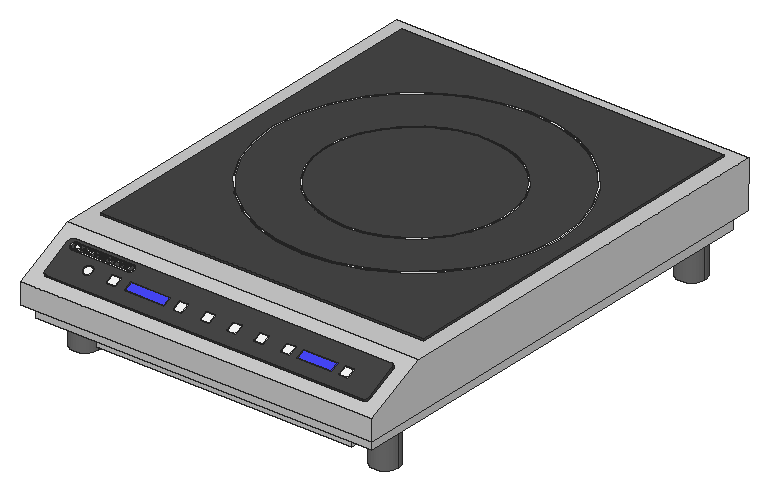
Revit family "QF_ADVENTYS_BRIC_3000_250902083428", category Specialty Equipment, Revit 2021
Family settings
  Round Connector Dimension = Use Diameter
  Part Type = Normal
  OmniClass Number = 23.40.40.14
  OmniClass Title = Food Service Equipment
  Work Plane-Based = No
  Always vertical = Yes
  Cut with Voids When Loaded = No
  Shared = No
  Room Calculation Point = No
Parameters (values of type "ADV2142")
  Weight in Pounds [instance] = 0
  Weight = 8.00 kg
  Warranty Start Date [instance] = ""
  Warranty Duration [instance] = ""
  Volts [instance] = 230 V
  URL Recommended Spares List = ""
  URL Manufacturer = ""
  URL Cutsheet = ""
  URL Critical Spares List = ""
  URL = "www.adventys.com"
  Tag Number [instance] = ""
  Status [instance] = ""
  Specification by User [instance] = ""
  Specification by Manufacturer [instance] = ""
  Sound Level [instance] = ""
  Solid Fuel Type [instance] = ""
  Service Life Duration [instance] = ""
  Serial Number [instance] = ""
  Seismic Rating [instance] = ""
  SMACNA No [instance] = ""
  Revision Code [instance] = ""
  Revision [instance] = ""
  Production Year [instance] = ""
  Point Load [instance] = 0
  Phase [instance] = 1
  Other Equipment Approvals [instance] = ""
  Number of Poles [instance] = 2
  NAFEM Spec ID Number [instance] = ""
  Model Warning [instance] = ""
  Model = "BRIC 3000"
  Min Ckt Ampacity [instance] = 0 A
  Max Overcurrent Protection [instance] = 16 A
  Masterspec [instance] = ""
  Manufacturer = "ADVENTYS"
  Length Actual = 392 mm
  Item Number [instance] = ""
  Installed By [instance] = ""
  Installation Date [instance] = ""
  Identify Quantity as Lot [instance] = no
  ID [instance] = ""
  Hygiene Approval [instance] = ""
  Hot Water Consumption = 0.0 L/s
  Height Actual = 110 mm
  HP power [instance] = ""
  Furnished By [instance] = ""
  Foodservice Equipment Identifier [instance] = no
  FL Amps [instance] = 13 A
  Electrical Remarks [instance] = "Plug not included"
  Electric power [instance] = 0 W
  Electric Connection Type [instance] = "Cord&Plug"
  Elec Conn RI Height [instance] = 0 mm
  Elec Conn Connection Height [instance] = 0 mm
  ETL Approved [instance] = no
  Description = "COUNTERTOP INDUCTION - 1 ZONE BRIC"
  Depth Actual = 526 mm
  Default Elevation = 0 mm
  Cycle [instance] = 50 Hz
  Cost = 0
  Conn Plug [instance] = ""
  Conn Conduit [instance] = no
  CSI MasterFormat [instance] = ""
  CE Approved [instance] = no
  Barcode [instance] = 0
  Author [instance] = ""
  Asset Identifier [instance] = ""
  Apparent Power [instance] = 3000 VA
  Accessory = no
Reference planes
  plane 1 "Center (Front/Back)": y = 0
  plane 2: z = 0
  plane 3 "Center (Left/Right)": x = 0
Forms (mm)
  Extrusion 1, solid, not visible
    sketch origin (306.015, -65.003, 33.002) x (1, 0, 0) y (0, 1, 0)
      loop
        line (-2, 2) -> (-2, -2) -> (2, -2) -> (2, 2) -> (-2, 2)
    from -2 to 2
Dimensions and locks
  locked: nested 2 to Extrusion 1 at 2  (x2)
  aligned and locked: level to plane 2
Nested families
  nested 1: "QF_ADVENTYS_ADV2142_2916" at (0, 0, 0), type "ADV2142"
    with Status "", Show Logo yes, Show Clearance yes
  nested 2: "CONN_POINT_ELE_2D___Generic_Annotation" at (306.015, -65.003, 31.002), type "CONN_POINT_ELE_2D___Generic_Annotation"
    with Onboard connection annotation symbol visibility yes
Connectors
  electrical at (306.015, -65.003, 31.002), driven by "Apparent Power", driven by "Number of Poles", driven by "Volts"
    settings: on Extrusion 1, index 1, voltage 230 V, apparent load 0 VA, apparent load phase1 3000 VA, apparent load phase2 0 VA, apparent load phase3 0 VA, power factor 1, load classification "Other", number of poles 2, system type 31, power factor state 1, is connector primary yes, connector utility no, sub classification motor no, connector description "Electrical connection for BRIC 3000"
Definition of nested family "QF_ADVENTYS_ADV2142_2916"
  Parameters (values of type "ADV2142")
    URL = "www.adventys.com"
    Status [instance] = ""
    Show Logo [instance] = yes
    Show Clearance [instance] = yes
    Model = "BRIC 3000"
    Manufacturer = "ADVENTYS"
    Description = "COUNTERTOP INDUCTION - 1 ZONE BRIC"
    Default Elevation = 0 mm
    Author = "SPECIFI"
    Assembly Code = "E1090320"
  Types (2, lengths in mm): name | Model
    ADV2142 | "BRIC 3000"
    ADV2143 | "BRIC 3600"
  Reference planes
    plane 1 "Back": y = 0
    plane 2: z = 0
    plane 3 "Left": x = 0
    plane 4 "Right": x = 392
    plane 5 "Front": y = -526
    plane 6 "Top": z = 110
  Forms (mm)
    Extrusion 1, solid
      sketch origin (0, 0, -883.509) x (1, 0, 0) y (0, 0, 1)
        loop
          line (8.753, 936.477) -> (8.753, 921.477) -> (385, 921.477) -> (385, 936.477) -> (8.753, 936.477)
      from 12.896 to 516
    Extrusion 2, solid
      sketch origin (100, 2.5, 12.991) x (1, 0, 0) y (0, 1, 0)
        loop
          circle (-70.046, -475.644) r 15
      from -12.991 to 24.977
    Extrusion 3, solid
      sketch origin (435, 2.5, 12.991) x (1, 0, 0) y (0, 1, 0)
        loop
          circle (-70.046, -475.644) r 15
      from -12.991 to 24.977
    Extrusion 4, solid
      sketch origin (435, 430, 12.991) x (1, 0, 0) y (0, 1, 0)
        loop
          circle (-70.046, -475.644) r 15
      from -12.991 to 24.977
    Extrusion 5, solid
      sketch origin (100, 430, 12.991) x (1, 0, 0) y (0, 1, 0)
        loop
          circle (-70.046, -475.644) r 15
      from -12.991 to 24.977
    Extrusion 6, solid
      sketch origin (0, 0, 12.991) x (1, 0, 0) y (0, 1, 0)
        loop
          line (15, -12.896) -> (15, -431.9) -> (375, -431.9) -> (375, -12.896) -> (15, -12.896)
      from 93.652 to 96
    Extrusion 7, solid
      sketch origin (0, 0, -891.009) x (0, 1, 0) y (0, 0, 1)
        loop
          line (-526, 967.017) -> (-526, 944) -> (0, 944) -> (0, 997.652) -> (-460.303, 997.652) -> (-526, 967.017)
      from 0 to 392
    Extrusion 8, solid
      sketch origin (0, 0, -891.009) x (1, 0, 0) y (0, 0, 1)
        loop
          line (55, 928.977) -> (55, 904) -> (340, 904) -> (340, 928.977) -> (55, 928.977)
      from 457.474 to 488.195
    Extrusion 9, solid
      sketch origin (0, 0, -891.009) x (0, 1, 0) y (0, 0, 1)
        loop
          line (-200.3, 928.977) -> (-200.3, 923.977) -> (-95.3, 923.977) -> (-95.3, 928.977) -> (-200.3, 928.977)
      from 55 to 340
    Extrusion 10, solid
      sketch origin (0, 0, -891.009) x (0, 1, 0) y (0, 0, 1)
        loop
          line (-80.3, 928.977) -> (-80.3, 923.977) -> (-50.3, 923.977) -> (-50.3, 928.977) -> (-80.3, 928.977)
      from 55 to 340
    Extrusion 11, solid
      sketch origin (-2.5, 5, 108.991) x (1, 0, 0) y (0, 1, 0)
        loop
          circle (198.23, -224.602) r 100
        loop
          circle (198.23, -224.602) r 99.375
      from 0 to 0.409
    Extrusion 12, solid
      sketch origin (0, 0, 108.991) x (1, 0, 0) y (0, 1, 0)
        loop
          circle (197.284, -219.602) r 160
        loop
          circle (197.284, -219.602) r 159.217
      from 0 to 1.009
    Extrusion 13, solid
      sketch origin (517.5, 23.75, 108.991) x (1, 0, 0) y (0, 1, 0)
        loop
          circle (-210.822, -88.987) r 15
      from -78.091 to -71.023
    Extrusion 14, solid
      sketch origin (41, -119.562, 107.771) x (1, 0, 0) y (0, 0.906286, 0.422665)
        loop
          arc (-21, -323.032) -> (-24.536, -324.496) -> (-26, -328.032) r 5
          line (-26, -328.032) -> (-26, -363.032)
          arc (-26, -363.032) -> (-24.536, -366.568) -> (-21, -368.032) r 5
          line (-21, -368.032) -> (331, -368.032)
          arc (331, -368.032) -> (334.536, -366.568) -> (336, -363.032) r 5
          line (336, -363.032) -> (336, -328.032)
          arc (336, -328.032) -> (334.536, -324.496) -> (331, -323.032) r 5
          line (331, -323.032) -> (-21, -323.032)
        loop
          circle (10.799, -348.029) r 5
        loop
          line (34.385, -344.032) -> (34.385, -352.032)
          arc (34.385, -352.032) -> (34.678, -352.739) -> (35.385, -353.032) r 1
          line (35.385, -353.032) -> (43.385, -353.032)
          arc (43.385, -353.032) -> (44.092, -352.739) -> (44.385, -352.032) r 1
          line (44.385, -352.032) -> (44.385, -344.032)
          arc (44.385, -344.032) -> (44.092, -343.325) -> (43.385, -343.032) r 1
          line (43.385, -343.032) -> (35.385, -343.032)
          arc (35.385, -343.032) -> (34.678, -343.325) -> (34.385, -344.032) r 1
        loop
          line (109.385, -344.032) -> (109.385, -352.032)
          arc (109.385, -352.032) -> (109.678, -352.739) -> (110.385, -353.032) r 1
          line (110.385, -353.032) -> (118.385, -353.032)
          arc (118.385, -353.032) -> (119.092, -352.739) -> (119.385, -352.032) r 1
          line (119.385, -352.032) -> (119.385, -344.032)
          arc (119.385, -344.032) -> (119.092, -343.325) -> (118.385, -343.032) r 1
          line (118.385, -343.032) -> (110.385, -343.032)
          arc (110.385, -343.032) -> (109.678, -343.325) -> (109.385, -344.032) r 1
        loop
          line (139.385, -344.032) -> (139.385, -352.032)
          arc (139.385, -352.032) -> (139.678, -352.739) -> (140.385, -353.032) r 1
          line (140.385, -353.032) -> (148.385, -353.032)
          arc (148.385, -353.032) -> (149.092, -352.739) -> (149.385, -352.032) r 1
          line (149.385, -352.032) -> (149.385, -344.032)
          arc (149.385, -344.032) -> (149.092, -343.325) -> (148.385, -343.032) r 1
          line (148.385, -343.032) -> (140.385, -343.032)
          arc (140.385, -343.032) -> (139.678, -343.325) -> (139.385, -344.032) r 1
        loop
          line (169.385, -344.032) -> (169.385, -352.032)
          arc (169.385, -352.032) -> (169.678, -352.739) -> (170.385, -353.032) r 1
          line (170.385, -353.032) -> (178.385, -353.032)
          arc (178.385, -353.032) -> (179.092, -352.739) -> (179.385, -352.032) r 1
          line (179.385, -352.032) -> (179.385, -344.032)
          arc (179.385, -344.032) -> (179.092, -343.325) -> (178.385, -343.032) r 1
          line (178.385, -343.032) -> (170.385, -343.032)
          arc (170.385, -343.032) -> (169.678, -343.325) -> (169.385, -344.032) r 1
        loop
          line (199.385, -344.032) -> (199.385, -352.032)
          arc (199.385, -352.032) -> (199.678, -352.739) -> (200.385, -353.032) r 1
          line (200.385, -353.032) -> (208.385, -353.032)
          arc (208.385, -353.032) -> (209.092, -352.739) -> (209.385, -352.032) r 1
          line (209.385, -352.032) -> (209.385, -344.032)
          arc (209.385, -344.032) -> (209.092, -343.325) -> (208.385, -343.032) r 1
          line (208.385, -343.032) -> (200.385, -343.032)
          arc (200.385, -343.032) -> (199.678, -343.325) -> (199.385, -344.032) r 1
        loop
          line (229.385, -344.032) -> (229.385, -352.032)
          arc (229.385, -352.032) -> (229.678, -352.739) -> (230.385, -353.032) r 1
          line (230.385, -353.032) -> (238.385, -353.032)
          arc (238.385, -353.032) -> (239.092, -352.739) -> (239.385, -352.032) r 1
          line (239.385, -352.032) -> (239.385, -344.032)
          arc (239.385, -344.032) -> (239.092, -343.325) -> (238.385, -343.032) r 1
          line (238.385, -343.032) -> (230.385, -343.032)
          arc (230.385, -343.032) -> (229.678, -343.325) -> (229.385, -344.032) r 1
        loop
          line (294.385, -344.032) -> (294.385, -352.032)
          arc (294.385, -352.032) -> (294.678, -352.739) -> (295.385, -353.032) r 1
          line (295.385, -353.032) -> (303.385, -353.032)
          arc (303.385, -353.032) -> (304.092, -352.739) -> (304.385, -352.032) r 1
          line (304.385, -352.032) -> (304.385, -344.032)
          arc (304.385, -344.032) -> (304.092, -343.325) -> (303.385, -343.032) r 1
          line (303.385, -343.032) -> (295.385, -343.032)
          arc (295.385, -343.032) -> (294.678, -343.325) -> (294.385, -344.032) r 1
        loop
          line (247.896, -343.032) -> (247.896, -353.032) -> (285.857, -353.032) -> (285.857, -343.032) -> (247.896, -343.032)
        loop
          line (55.396, -343.032) -> (55.396, -353.032) -> (98.982, -353.032) -> (98.982, -343.032) -> (55.396, -343.032)
      from 143 to 145
    Extrusion 15, solid
      sketch origin (41, -119.562, 107.771) x (1, 0, 0) y (0, 0.906286, 0.422665)
        loop
          circle (10.635, -348.032) r 5
        loop
          arc (35.385, -343.032) -> (34.678, -343.325) -> (34.385, -344.032) r 1
          line (34.385, -344.032) -> (34.385, -352.032)
          arc (34.385, -352.032) -> (34.678, -352.739) -> (35.385, -353.032) r 1
          line (35.385, -353.032) -> (43.385, -353.032)
          arc (43.385, -353.032) -> (44.092, -352.739) -> (44.385, -352.032) r 1
          line (44.385, -352.032) -> (44.385, -344.032)
          arc (44.385, -344.032) -> (44.092, -343.325) -> (43.385, -343.032) r 1
          line (43.385, -343.032) -> (35.385, -343.032)
        loop
          arc (110.385, -343.032) -> (109.678, -343.325) -> (109.385, -344.032) r 1
          line (109.385, -344.032) -> (109.385, -352.032)
          arc (109.385, -352.032) -> (109.678, -352.739) -> (110.385, -353.032) r 1
          line (110.385, -353.032) -> (118.385, -353.032)
          arc (118.385, -353.032) -> (119.092, -352.739) -> (119.385, -352.032) r 1
          line (119.385, -352.032) -> (119.385, -344.032)
          arc (119.385, -344.032) -> (119.092, -343.325) -> (118.385, -343.032) r 1
          line (118.385, -343.032) -> (110.385, -343.032)
        loop
          arc (140.385, -343.032) -> (139.678, -343.325) -> (139.385, -344.032) r 1
          line (139.385, -344.032) -> (139.385, -352.032)
          arc (139.385, -352.032) -> (139.678, -352.739) -> (140.385, -353.032) r 1
          line (140.385, -353.032) -> (148.385, -353.032)
          arc (148.385, -353.032) -> (149.092, -352.739) -> (149.385, -352.032) r 1
          line (149.385, -352.032) -> (149.385, -344.032)
          arc (149.385, -344.032) -> (149.092, -343.325) -> (148.385, -343.032) r 1
          line (148.385, -343.032) -> (140.385, -343.032)
        loop
          arc (170.385, -343.032) -> (169.678, -343.325) -> (169.385, -344.032) r 1
          line (169.385, -344.032) -> (169.385, -352.032)
          arc (169.385, -352.032) -> (169.678, -352.739) -> (170.385, -353.032) r 1
          line (170.385, -353.032) -> (178.385, -353.032)
          arc (178.385, -353.032) -> (179.092, -352.739) -> (179.385, -352.032) r 1
          line (179.385, -352.032) -> (179.385, -344.032)
          arc (179.385, -344.032) -> (179.092, -343.325) -> (178.385, -343.032) r 1
          line (178.385, -343.032) -> (170.385, -343.032)
        loop
          arc (200.385, -343.032) -> (199.678, -343.325) -> (199.385, -344.032) r 1
          line (199.385, -344.032) -> (199.385, -352.032)
          arc (199.385, -352.032) -> (199.678, -352.739) -> (200.385, -353.032) r 1
          line (200.385, -353.032) -> (208.385, -353.032)
          arc (208.385, -353.032) -> (209.092, -352.739) -> (209.385, -352.032) r 1
          line (209.385, -352.032) -> (209.385, -344.032)
          arc (209.385, -344.032) -> (209.092, -343.325) -> (208.385, -343.032) r 1
          line (208.385, -343.032) -> (200.385, -343.032)
        loop
          arc (230.385, -343.032) -> (229.678, -343.325) -> (229.385, -344.032) r 1
          line (229.385, -344.032) -> (229.385, -352.032)
          arc (229.385, -352.032) -> (229.678, -352.739) -> (230.385, -353.032) r 1
          line (230.385, -353.032) -> (238.385, -353.032)
          arc (238.385, -353.032) -> (239.092, -352.739) -> (239.385, -352.032) r 1
          line (239.385, -352.032) -> (239.385, -344.032)
          arc (239.385, -344.032) -> (239.092, -343.325) -> (238.385, -343.032) r 1
          line (238.385, -343.032) -> (230.385, -343.032)
        loop
          arc (295.385, -343.032) -> (294.678, -343.325) -> (294.385, -344.032) r 1
          line (294.385, -344.032) -> (294.385, -352.032)
          arc (294.385, -352.032) -> (294.678, -352.739) -> (295.385, -353.032) r 1
          line (295.385, -353.032) -> (303.385, -353.032)
          arc (303.385, -353.032) -> (304.092, -352.739) -> (304.385, -352.032) r 1
          line (304.385, -352.032) -> (304.385, -344.032)
          arc (304.385, -344.032) -> (304.092, -343.325) -> (303.385, -343.032) r 1
          line (303.385, -343.032) -> (295.385, -343.032)
      from 143 to 145
    Extrusion 16, solid, visible <- "Show Logo"
      sketch origin (-63.557, -21.21, 118.584) x (1, 0, 0) y (0, 0.906286, 0.422665)
        loop
          arc (88.581, -421.313) -> (88.113, -421.507) -> (87.92, -421.974) r 0.661
          line (87.92, -421.974) -> (87.92, -423.61)
          arc (87.92, -423.61) -> (88.124, -424.087) -> (88.609, -424.27) r 0.661
          line (88.609, -424.27) -> (88.609, -423.032)
          arc (88.609, -423.032) -> (88.952, -422.351) -> (89.662, -422.077) r 1.058
          line (89.662, -422.077) -> (92.486, -422.077)
          arc (92.486, -422.077) -> (92.335, -421.544) -> (91.833, -421.313) r 0.661
          line (91.833, -421.313) -> (88.581, -421.313)
        loop
          arc (88.581, -420.916) -> (87.833, -421.226) -> (87.523, -421.974) r 1.058
          line (87.523, -421.974) -> (87.523, -423.61)
          arc (87.523, -423.61) -> (87.843, -424.368) -> (88.609, -424.667) r 1.058
          arc (88.609, -424.667) -> (88.88, -425.483) -> (89.667, -425.828) r 1.058
          arc (89.667, -425.828) -> (89.974, -426.583) -> (90.725, -426.896) r 1.058
          line (90.725, -426.896) -> (93.719, -426.896)
          arc (93.719, -426.896) -> (94.467, -426.586) -> (94.777, -425.838) r 1.058
          line (94.777, -425.838) -> (94.777, -424.306)
          arc (94.777, -424.306) -> (94.463, -423.554) -> (93.708, -423.248) r 1.058
          arc (93.708, -423.248) -> (93.515, -422.517) -> (92.883, -422.101) r 1.058
          arc (92.883, -422.101) -> (92.625, -421.273) -> (91.833, -420.916) r 1.058
          line (91.833, -420.916) -> (88.581, -420.916)
        loop
          arc (93.719, -426.499) -> (94.187, -426.306) -> (94.38, -425.838) r 0.661
          line (94.38, -425.838) -> (94.38, -424.306)
          arc (94.38, -424.306) -> (94.185, -423.837) -> (93.714, -423.645) r 0.661
          line (93.714, -423.645) -> (93.714, -424.77)
          arc (93.714, -424.77) -> (93.404, -425.518) -> (92.656, -425.828) r 1.058
          line (92.656, -425.828) -> (90.064, -425.828)
          arc (90.064, -425.828) -> (90.254, -426.302) -> (90.725, -426.499) r 0.661
          line (90.725, -426.499) -> (93.719, -426.499)
        loop
          arc (95.546, -425.156) -> (95.587, -425.684) -> (96.116, -425.67) r 0.384
          line (96.116, -425.67) -> (96.845, -424.94) -> (99.743, -424.94) -> (100.472, -425.67)
          arc (100.472, -425.67) -> (101.001, -425.684) -> (101.042, -425.156) r 0.384
          line (101.042, -425.156) -> (98.294, -421.762) -> (95.546, -425.156)
        loop
          line (98.294, -423.127) -> (97.364, -424.275) -> (99.224, -424.275) -> (98.294, -423.127)
        loop
          line (102.315, -421.827) -> (102.315, -425.732) -> (105.995, -425.732)
          arc (105.995, -425.732) -> (107.947, -423.78) -> (105.995, -421.827) r 1.953
          line (105.995, -421.827) -> (102.315, -421.827)
        loop
          line (105.995, -422.854) -> (103.343, -422.854) -> (103.343, -424.705) -> (105.995, -424.705)
          arc (105.995, -424.705) -> (106.92, -423.78) -> (105.995, -422.854) r 0.925
        loop
          arc (109.84, -422.053) -> (109.312, -422.039) -> (109.27, -422.566) r 0.384
          line (109.27, -422.566) -> (112.019, -425.961) -> (114.767, -422.566)
          arc (114.767, -422.566) -> (114.725, -422.039) -> (114.197, -422.053) r 0.384
          line (114.197, -422.053) -> (112.019, -424.743) -> (109.84, -422.053)
        loop
          line (121.269, -421.781) -> (116.07, -421.781) -> (116.07, -425.732) -> (121.269, -425.732)
          arc (121.269, -425.732) -> (121.671, -425.331) -> (121.269, -424.93) r 0.401
          line (121.269, -424.93) -> (116.972, -424.93) -> (116.972, -424.139) -> (121.269, -424.139)
          arc (121.269, -424.139) -> (121.633, -423.775) -> (121.269, -423.412) r 0.363
          line (121.269, -423.412) -> (116.972, -423.412) -> (116.972, -422.583) -> (121.269, -422.583)
          arc (121.269, -422.583) -> (121.671, -422.182) -> (121.269, -421.781) r 0.401
        loop
          line (122.879, -422.331) -> (122.879, -425.274)
          arc (122.879, -425.274) -> (123.306, -425.701) -> (123.733, -425.274) r 0.427
          line (123.733, -425.274) -> (123.733, -423.122) -> (127.538, -425.5)
          arc (127.538, -425.5) -> (128.155, -425.516) -> (128.468, -424.984) r 0.608
          line (128.468, -424.984) -> (128.468, -422.254)
          arc (128.468, -422.254) -> (128.018, -421.804) -> (127.568, -422.254) r 0.45
          line (127.568, -422.254) -> (127.568, -424.337) -> (123.663, -421.897)
          arc (123.663, -421.897) -> (123.143, -421.883) -> (122.879, -422.331) r 0.513
        loop
          arc (130.273, -421.857) -> (129.778, -422.352) -> (130.273, -422.846) r 0.494
          line (130.273, -422.846) -> (132.065, -422.846) -> (132.065, -425.082)
          arc (132.065, -425.082) -> (132.54, -425.558) -> (133.016, -425.082) r 0.475
          line (133.016, -425.082) -> (133.016, -422.846) -> (134.724, -422.846)
          arc (134.724, -422.846) -> (135.218, -422.352) -> (134.724, -421.857) r 0.494
          line (134.724, -421.857) -> (130.273, -421.857)
        loop
          line (139.461, -423.175) -> (137.5, -421.853)
          arc (137.5, -421.853) -> (136.836, -421.982) -> (136.965, -422.646) r 0.479
          line (136.965, -422.646) -> (138.926, -423.969) -> (138.926, -425.108)
          arc (138.926, -425.108) -> (139.461, -425.643) -> (139.997, -425.108) r 0.535
          line (139.997, -425.108) -> (139.997, -423.969) -> (141.958, -422.646)
          arc (141.958, -422.646) -> (142.087, -421.982) -> (141.423, -421.853) r 0.479
          line (141.423, -421.853) -> (139.461, -423.175)
        loop
          line (148.501, -421.857) -> (144.795, -421.857)
          arc (144.795, -421.857) -> (143.661, -422.991) -> (144.795, -424.125) r 1.134
          line (144.795, -424.125) -> (147.852, -424.125)
          arc (147.852, -424.125) -> (148.265, -424.538) -> (147.852, -424.951) r 0.413
          line (147.852, -424.951) -> (144.128, -424.951)
          arc (144.128, -424.951) -> (143.786, -425.292) -> (144.128, -425.634) r 0.342
          line (144.128, -425.634) -> (148.218, -425.634)
          arc (148.218, -425.634) -> (148.994, -424.394) -> (147.885, -423.44) r 1.122
          line (147.885, -423.44) -> (144.736, -423.44)
          arc (144.736, -423.44) -> (144.286, -422.99) -> (144.736, -422.541) r 0.45
          line (144.736, -422.541) -> (148.501, -422.541)
          arc (148.501, -422.541) -> (148.843, -422.199) -> (148.501, -421.857) r 0.342
        loop
          arc (87.442, -420.162) -> (83.674, -423.931) -> (87.442, -427.699) r 3.769
          line (87.442, -427.699) -> (150.103, -427.699)
          arc (150.103, -427.699) -> (153.872, -423.931) -> (150.103, -420.162) r 3.769
          line (150.103, -420.162) -> (87.442, -420.162)
        loop
          arc (87.442, -419.771) -> (83.283, -423.931) -> (87.442, -428.091) r 4.16
          line (87.442, -428.091) -> (150.103, -428.091)
          arc (150.103, -428.091) -> (154.263, -423.931) -> (150.103, -419.771) r 4.16
          line (150.103, -419.771) -> (87.442, -419.771)
      from 176.77 to 176.97
    Extrusion 17, solid
      sketch origin (61, -119.562, 107.771) x (1, 0, 0) y (0, 0.906286, 0.422665)
        loop
          line (35.396, -343.032) -> (35.396, -353.032) -> (78.982, -353.032) -> (78.982, -343.032) -> (35.396, -343.032)
        loop
          line (227.896, -343.032) -> (227.896, -353.032) -> (265.857, -353.032) -> (265.857, -343.032) -> (227.896, -343.032)
      from 143 to 145
    Extrusion 18, void
      sketch origin (0, 0, 0) x (1, 0, 0) y (0, 1, 0)
        loop
          line (392, 0) -> (0, 0) -> (0, -526) -> (392, -526) -> (392, 0)
      from 0 to 52.969
  Lines and regions (mm)
    symbolic lines
      curve 1: line (0, 0, 96.25) -> (392, 0, 96.25)
      curve 2: line (392, 0, 96.25) -> (392, -526, 96.25)
      curve 3: line (392, -526, 96.25) -> (0, -526, 96.25)
      curve 4: line (0, -526, 96.25) -> (0, 0, 96.25)
      curve 5: line (0, -460.338, 96.25) -> (392, -460.338, 96.25)
      curve 6: line (15, -12.896, 96.25) -> (375, -12.896, 96.25)
      curve 7: line (15, -431.9, 96.25) -> (15, -12.896, 96.25)
      curve 8: line (375, -431.9, 96.25) -> (15, -431.9, 96.25)
      curve 9: line (375, -12.896, 96.25) -> (375, -431.9, 96.25)
      curve 10: arc (295.105, -219.602, 96.25) -> (195.73, -318.977, 96.25) -> (96.355, -219.602, 96.25) r 99.375
      curve 11: arc (295.73, -219.602, 96.25) -> (195.73, -119.602, 96.25) -> (95.73, -219.602, 96.25) r 100
      curve 12: arc (357.284, -219.602, 96.25) -> (197.284, -59.602, 96.25) -> (37.284, -219.602, 96.25) r 160
      curve 13: arc (37.284, -219.602, 96.25) -> (197.284, -379.602, 96.25) -> (357.284, -219.602, 96.25) r 160
      curve 14: spline (20, -473.608, 0) -> (19.347, -473.647, 0) -> (18.706, -473.763, 0) -> (18.087, -473.953, 0) -> (17.5, -474.215, 0) -> (16.956, -474.545, 0) -> (16.464, -474.935, 0) -> (16.033, -475.381, 0) -> (15.67, -475.874, 0) -> (15.381, -476.405, 0) -> (15.17, -476.967, 0) -> (15.043, -477.548, 0) -> (15, -478.14, 0)
      curve 15: line (15, -478.14, 0) -> (15, -509.86, 0)
      curve 16: line (372, -473.608, 0) -> (20, -473.608, 0)
      curve 17: spline (15, -509.86, 0) -> (15.043, -510.451, 0) -> (15.17, -511.032, 0) -> (15.381, -511.594, 0) -> (15.67, -512.125, 0) -> (16.033, -512.618, 0) -> (16.464, -513.064, 0) -> (16.956, -513.455, 0) -> (17.5, -513.784, 0) -> (18.087, -514.046, 0) -> (18.706, -514.237, 0) -> (19.347, -514.352, 0) -> (20, -514.391, 0)
      curve 18: line (20, -514.391, 0) -> (372, -514.391, 0)
      curve 19: spline (372, -514.391, 0) -> (372.653, -514.352, 0) -> (373.294, -514.237, 0) -> (373.913, -514.046, 0) -> (374.5, -513.784, 0) -> (375.044, -513.455, 0) -> (375.536, -513.064, 0) -> (375.967, -512.618, 0) -> (376.33, -512.125, 0) -> (376.619, -511.594, 0) -> (376.83, -511.032, 0) -> (376.957, -510.451, 0) -> (377, -509.86, 0)
      curve 20: line (377, -509.86, 0) -> (377, -478.14, 0)
      curve 21: spline (377, -478.14, 0) -> (376.957, -477.548, 0) -> (376.83, -476.967, 0) -> (376.619, -476.405, 0) -> (376.33, -475.874, 0) -> (375.967, -475.381, 0) -> (375.536, -474.935, 0) -> (375.044, -474.545, 0) -> (374.5, -474.215, 0) -> (373.913, -473.953, 0) -> (373.294, -473.763, 0) -> (372.653, -473.647, 0) -> (372, -473.608, 0)
      curve 22: line (344.385, -491.734, 0) -> (336.385, -491.734, 0)
      curve 23: spline (345.385, -492.64, 0) -> (345.376, -492.522, 0) -> (345.351, -492.406, 0) -> (345.309, -492.293, 0) -> (345.251, -492.187, 0) -> (345.178, -492.088, 0) -> (345.092, -491.999, 0) -> (344.993, -491.921, 0) -> (344.885, -491.855, 0) -> (344.767, -491.803, 0) -> (344.643, -491.765, 0) -> (344.515, -491.742, 0) -> (344.385, -491.734, 0)
      curve 24: line (345.385, -499.89, 0) -> (345.385, -492.64, 0)
      curve 25: spline (344.385, -500.797, 0) -> (344.515, -500.789, 0) -> (344.643, -500.766, 0) -> (344.767, -500.728, 0) -> (344.885, -500.675, 0) -> (344.993, -500.609, 0) -> (345.092, -500.531, 0) -> (345.178, -500.442, 0) -> (345.251, -500.344, 0) -> (345.309, -500.237, 0) -> (345.351, -500.125, 0) -> (345.376, -500.009, 0) -> (345.385, -499.89, 0)
      curve 26: line (336.385, -500.797, 0) -> (344.385, -500.797, 0)
      curve 27: spline (336.385, -500.797, 0) -> (336.254, -500.789, 0) -> (336.126, -500.766, 0) -> (336.002, -500.728, 0) -> (335.885, -500.675, 0) -> (335.776, -500.609, 0) -> (335.678, -500.531, 0) -> (335.591, -500.442, 0) -> (335.519, -500.344, 0) -> (335.461, -500.237, 0) -> (335.419, -500.125, 0) -> (335.393, -500.009, 0) -> (335.385, -499.89, 0)
      curve 28: line (335.385, -492.64, 0) -> (335.385, -499.89, 0)
      curve 29: spline (336.385, -491.734, 0) -> (336.254, -491.742, 0) -> (336.126, -491.765, 0) -> (336.002, -491.803, 0) -> (335.885, -491.855, 0) -> (335.776, -491.921, 0) -> (335.678, -491.999, 0) -> (335.591, -492.088, 0) -> (335.519, -492.187, 0) -> (335.461, -492.293, 0) -> (335.419, -492.406, 0) -> (335.393, -492.522, 0) -> (335.385, -492.64, 0)
      curve 30: line (326.857, -500.797, 0) -> (326.857, -491.734, 0)
      curve 31: line (326.857, -491.734, 0) -> (288.896, -491.734, 0)
      curve 32: line (288.896, -500.797, 0) -> (326.857, -500.797, 0)
      curve 33: line (288.896, -491.734, 0) -> (288.896, -500.797, 0)
      curve 34: spline (46.635, -496.265, 0) -> (46.805, -497.438, 0) -> (47.305, -498.531, 0) -> (48.099, -499.47, 0) -> (49.135, -500.19, 0) -> (50.341, -500.642, 0) -> (51.635, -500.797, 0) -> (52.929, -500.642, 0) -> (54.135, -500.19, 0) -> (55.17, -499.47, 0) -> (55.965, -498.531, 0) -> (56.464, -497.438, 0) -> (56.635, -496.265, 0)
      curve 35: spline (56.635, -496.265, 0) -> (56.464, -495.092, 0) -> (55.965, -494, 0) -> (55.17, -493.061, 0) -> (54.135, -492.341, 0) -> (52.929, -491.888, 0) -> (51.635, -491.734, 0) -> (50.341, -491.888, 0) -> (49.135, -492.341, 0) -> (48.099, -493.061, 0) -> (47.305, -494, 0) -> (46.805, -495.092, 0) -> (46.635, -496.265, 0)
      curve 36: line (279.385, -491.734, 0) -> (271.385, -491.734, 0)
      curve 37: spline (280.385, -492.64, 0) -> (280.376, -492.522, 0) -> (280.351, -492.406, 0) -> (280.309, -492.293, 0) -> (280.251, -492.187, 0) -> (280.178, -492.088, 0) -> (280.092, -491.999, 0) -> (279.993, -491.921, 0) -> (279.885, -491.855, 0) -> (279.767, -491.803, 0) -> (279.643, -491.765, 0) -> (279.515, -491.742, 0) -> (279.385, -491.734, 0)
      curve 38: line (280.385, -499.89, 0) -> (280.385, -492.64, 0)
      curve 39: spline (279.385, -500.797, 0) -> (279.515, -500.789, 0) -> (279.643, -500.766, 0) -> (279.767, -500.728, 0) -> (279.885, -500.675, 0) -> (279.993, -500.609, 0) -> (280.092, -500.531, 0) -> (280.178, -500.442, 0) -> (280.251, -500.344, 0) -> (280.309, -500.237, 0) -> (280.351, -500.125, 0) -> (280.376, -500.009, 0) -> (280.385, -499.89, 0)
      curve 40: line (271.385, -500.797, 0) -> (279.385, -500.797, 0)
      curve 41: spline (271.385, -500.797, 0) -> (271.254, -500.789, 0) -> (271.126, -500.766, 0) -> (271.002, -500.728, 0) -> (270.885, -500.675, 0) -> (270.776, -500.609, 0) -> (270.678, -500.531, 0) -> (270.591, -500.442, 0) -> (270.519, -500.344, 0) -> (270.461, -500.237, 0) -> (270.419, -500.125, 0) -> (270.393, -500.009, 0) -> (270.385, -499.89, 0)
      curve 42: line (270.385, -492.64, 0) -> (270.385, -499.89, 0)
      curve 43: spline (271.385, -491.734, 0) -> (271.254, -491.742, 0) -> (271.126, -491.765, 0) -> (271.002, -491.803, 0) -> (270.885, -491.855, 0) -> (270.776, -491.921, 0) -> (270.678, -491.999, 0) -> (270.591, -492.088, 0) -> (270.519, -492.187, 0) -> (270.461, -492.293, 0) -> (270.419, -492.406, 0) -> (270.393, -492.522, 0) -> (270.385, -492.64, 0)
      curve 44: line (249.385, -491.734, 0) -> (241.385, -491.734, 0)
      curve 45: spline (250.385, -492.64, 0) -> (250.376, -492.522, 0) -> (250.351, -492.406, 0) -> (250.309, -492.293, 0) -> (250.251, -492.187, 0) -> (250.178, -492.088, 0) -> (250.092, -491.999, 0) -> (249.993, -491.921, 0) -> (249.885, -491.855, 0) -> (249.767, -491.803, 0) -> (249.643, -491.765, 0) -> (249.515, -491.742, 0) -> (249.385, -491.734, 0)
      curve 46: line (250.385, -499.89, 0) -> (250.385, -492.64, 0)
      curve 47: spline (249.385, -500.797, 0) -> (249.515, -500.789, 0) -> (249.643, -500.766, 0) -> (249.767, -500.728, 0) -> (249.885, -500.675, 0) -> (249.993, -500.609, 0) -> (250.092, -500.531, 0) -> (250.178, -500.442, 0) -> (250.251, -500.344, 0) -> (250.309, -500.237, 0) -> (250.351, -500.125, 0) -> (250.376, -500.009, 0) -> (250.385, -499.89, 0)
      curve 48: line (241.385, -500.797, 0) -> (249.385, -500.797, 0)
      curve 49: spline (241.385, -500.797, 0) -> (241.254, -500.789, 0) -> (241.126, -500.766, 0) -> (241.002, -500.728, 0) -> (240.885, -500.675, 0) -> (240.776, -500.609, 0) -> (240.678, -500.531, 0) -> (240.591, -500.442, 0) -> (240.519, -500.344, 0) -> (240.461, -500.237, 0) -> (240.419, -500.125, 0) -> (240.393, -500.009, 0) -> (240.385, -499.89, 0)
      curve 50: line (240.385, -492.64, 0) -> (240.385, -499.89, 0)
      curve 51: spline (241.385, -491.734, 0) -> (241.254, -491.742, 0) -> (241.126, -491.765, 0) -> (241.002, -491.803, 0) -> (240.885, -491.855, 0) -> (240.776, -491.921, 0) -> (240.678, -491.999, 0) -> (240.591, -492.088, 0) -> (240.519, -492.187, 0) -> (240.461, -492.293, 0) -> (240.419, -492.406, 0) -> (240.393, -492.522, 0) -> (240.385, -492.64, 0)
      curve 52: line (219.385, -491.734, 0) -> (211.385, -491.734, 0)
      curve 53: spline (220.385, -492.64, 0) -> (220.376, -492.522, 0) -> (220.351, -492.406, 0) -> (220.309, -492.293, 0) -> (220.251, -492.187, 0) -> (220.178, -492.088, 0) -> (220.092, -491.999, 0) -> (219.993, -491.921, 0) -> (219.885, -491.855, 0) -> (219.767, -491.803, 0) -> (219.643, -491.765, 0) -> (219.515, -491.742, 0) -> (219.385, -491.734, 0)
      curve 54: line (220.385, -499.89, 0) -> (220.385, -492.64, 0)
      curve 55: spline (219.385, -500.797, 0) -> (219.515, -500.789, 0) -> (219.643, -500.766, 0) -> (219.767, -500.728, 0) -> (219.885, -500.675, 0) -> (219.993, -500.609, 0) -> (220.092, -500.531, 0) -> (220.178, -500.442, 0) -> (220.251, -500.344, 0) -> (220.309, -500.237, 0) -> (220.351, -500.125, 0) -> (220.376, -500.009, 0) -> (220.385, -499.89, 0)
      curve 56: line (211.385, -500.797, 0) -> (219.385, -500.797, 0)
      curve 57: spline (211.385, -500.797, 0) -> (211.254, -500.789, 0) -> (211.126, -500.766, 0) -> (211.002, -500.728, 0) -> (210.885, -500.675, 0) -> (210.776, -500.609, 0) -> (210.678, -500.531, 0) -> (210.591, -500.442, 0) -> (210.519, -500.344, 0) -> (210.461, -500.237, 0) -> (210.419, -500.125, 0) -> (210.393, -500.009, 0) -> (210.385, -499.89, 0)
      curve 58: line (210.385, -492.64, 0) -> (210.385, -499.89, 0)
      curve 59: spline (211.385, -491.734, 0) -> (211.254, -491.742, 0) -> (211.126, -491.765, 0) -> (211.002, -491.803, 0) -> (210.885, -491.855, 0) -> (210.776, -491.921, 0) -> (210.678, -491.999, 0) -> (210.591, -492.088, 0) -> (210.519, -492.187, 0) -> (210.461, -492.293, 0) -> (210.419, -492.406, 0) -> (210.393, -492.522, 0) -> (210.385, -492.64, 0)
      curve 60: line (189.385, -491.734, 0) -> (181.385, -491.734, 0)
      curve 61: spline (190.385, -492.64, 0) -> (190.376, -492.522, 0) -> (190.351, -492.406, 0) -> (190.309, -492.293, 0) -> (190.251, -492.187, 0) -> (190.178, -492.088, 0) -> (190.092, -491.999, 0) -> (189.993, -491.921, 0) -> (189.885, -491.855, 0) -> (189.767, -491.803, 0) -> (189.643, -491.765, 0) -> (189.515, -491.742, 0) -> (189.385, -491.734, 0)
      curve 62: line (190.385, -499.89, 0) -> (190.385, -492.64, 0)
      curve 63: spline (189.385, -500.797, 0) -> (189.515, -500.789, 0) -> (189.643, -500.766, 0) -> (189.767, -500.728, 0) -> (189.885, -500.675, 0) -> (189.993, -500.609, 0) -> (190.092, -500.531, 0) -> (190.178, -500.442, 0) -> (190.251, -500.344, 0) -> (190.309, -500.237, 0) -> (190.351, -500.125, 0) -> (190.376, -500.009, 0) -> (190.385, -499.89, 0)
      curve 64: line (181.385, -500.797, 0) -> (189.385, -500.797, 0)
      curve 65: spline (181.385, -500.797, 0) -> (181.254, -500.789, 0) -> (181.126, -500.766, 0) -> (181.002, -500.728, 0) -> (180.885, -500.675, 0) -> (180.776, -500.609, 0) -> (180.678, -500.531, 0) -> (180.591, -500.442, 0) -> (180.519, -500.344, 0) -> (180.461, -500.237, 0) -> (180.419, -500.125, 0) -> (180.393, -500.009, 0) -> (180.385, -499.89, 0)
      curve 66: line (180.385, -492.64, 0) -> (180.385, -499.89, 0)
      curve 67: spline (181.385, -491.734, 0) -> (181.254, -491.742, 0) -> (181.126, -491.765, 0) -> (181.002, -491.803, 0) -> (180.885, -491.855, 0) -> (180.776, -491.921, 0) -> (180.678, -491.999, 0) -> (180.591, -492.088, 0) -> (180.519, -492.187, 0) -> (180.461, -492.293, 0) -> (180.419, -492.406, 0) -> (180.393, -492.522, 0) -> (180.385, -492.64, 0)
      curve 68: line (159.385, -491.734, 0) -> (151.385, -491.734, 0)
      curve 69: spline (160.385, -492.64, 0) -> (160.376, -492.522, 0) -> (160.351, -492.406, 0) -> (160.309, -492.293, 0) -> (160.251, -492.187, 0) -> (160.178, -492.088, 0) -> (160.092, -491.999, 0) -> (159.993, -491.921, 0) -> (159.885, -491.855, 0) -> (159.767, -491.803, 0) -> (159.643, -491.765, 0) -> (159.515, -491.742, 0) -> (159.385, -491.734, 0)
      curve 70: line (160.385, -499.89, 0) -> (160.385, -492.64, 0)
      curve 71: spline (159.385, -500.797, 0) -> (159.515, -500.789, 0) -> (159.643, -500.766, 0) -> (159.767, -500.728, 0) -> (159.885, -500.675, 0) -> (159.993, -500.609, 0) -> (160.092, -500.531, 0) -> (160.178, -500.442, 0) -> (160.251, -500.344, 0) -> (160.309, -500.237, 0) -> (160.351, -500.125, 0) -> (160.376, -500.009, 0) -> (160.385, -499.89, 0)
      curve 72: line (151.385, -500.797, 0) -> (159.385, -500.797, 0)
      curve 73: spline (151.385, -500.797, 0) -> (151.254, -500.789, 0) -> (151.126, -500.766, 0) -> (151.002, -500.728, 0) -> (150.885, -500.675, 0) -> (150.776, -500.609, 0) -> (150.678, -500.531, 0) -> (150.591, -500.442, 0) -> (150.519, -500.344, 0) -> (150.461, -500.237, 0) -> (150.419, -500.125, 0) -> (150.393, -500.009, 0) -> (150.385, -499.89, 0)
      curve 74: line (150.385, -492.64, 0) -> (150.385, -499.89, 0)
      curve 75: spline (151.385, -491.734, 0) -> (151.254, -491.742, 0) -> (151.126, -491.765, 0) -> (151.002, -491.803, 0) -> (150.885, -491.855, 0) -> (150.776, -491.921, 0) -> (150.678, -491.999, 0) -> (150.591, -492.088, 0) -> (150.519, -492.187, 0) -> (150.461, -492.293, 0) -> (150.419, -492.406, 0) -> (150.393, -492.522, 0) -> (150.385, -492.64, 0)
      curve 76: line (84.385, -491.734, 0) -> (76.385, -491.734, 0)
      curve 77: spline (85.385, -492.64, 0) -> (85.376, -492.522, 0) -> (85.351, -492.406, 0) -> (85.309, -492.293, 0) -> (85.251, -492.187, 0) -> (85.178, -492.088, 0) -> (85.092, -491.999, 0) -> (84.993, -491.921, 0) -> (84.885, -491.855, 0) -> (84.767, -491.803, 0) -> (84.643, -491.765, 0) -> (84.515, -491.742, 0) -> (84.385, -491.734, 0)
      curve 78: line (85.385, -499.89, 0) -> (85.385, -492.64, 0)
      curve 79: spline (84.385, -500.797, 0) -> (84.515, -500.789, 0) -> (84.643, -500.766, 0) -> (84.767, -500.728, 0) -> (84.885, -500.675, 0) -> (84.993, -500.609, 0) -> (85.092, -500.531, 0) -> (85.178, -500.442, 0) -> (85.251, -500.344, 0) -> (85.309, -500.237, 0) -> (85.351, -500.125, 0) -> (85.376, -500.009, 0) -> (85.385, -499.89, 0)
      curve 80: line (76.385, -500.797, 0) -> (84.385, -500.797, 0)
      curve 81: spline (76.385, -500.797, 0) -> (76.254, -500.789, 0) -> (76.126, -500.766, 0) -> (76.002, -500.728, 0) -> (75.885, -500.675, 0) -> (75.776, -500.609, 0) -> (75.678, -500.531, 0) -> (75.591, -500.442, 0) -> (75.519, -500.344, 0) -> (75.461, -500.237, 0) -> (75.419, -500.125, 0) -> (75.393, -500.009, 0) -> (75.385, -499.89, 0)
      curve 82: line (75.385, -492.64, 0) -> (75.385, -499.89, 0)
      curve 83: spline (76.385, -491.734, 0) -> (76.254, -491.742, 0) -> (76.126, -491.765, 0) -> (76.002, -491.803, 0) -> (75.885, -491.855, 0) -> (75.776, -491.921, 0) -> (75.678, -491.999, 0) -> (75.591, -492.088, 0) -> (75.519, -492.187, 0) -> (75.461, -492.293, 0) -> (75.419, -492.406, 0) -> (75.393, -492.522, 0) -> (75.385, -492.64, 0)
      curve 84: line (139.982, -500.797, 0) -> (139.982, -491.734, 0)
      curve 85: line (139.982, -491.734, 0) -> (96.396, -491.734, 0)
      curve 86: line (96.396, -500.797, 0) -> (139.982, -500.797, 0)
      curve 87: line (96.396, -491.734, 0) -> (96.396, -500.797, 0)
  Dimensions and locks
    plane 5 "Front" to plane 1 "Back" = 526 mm
    plane 3 "Left" to plane 4 "Right" = 392 mm
    plane 6 "Top" to level = 110 mm
    aligned and locked: level to plane 2
Definition of nested family "CONN_POINT_ELE_2D___Generic_Annotation"
  Parameters (values of type "CONN_POINT_ELE_2D___Generic_Annotation")
    Onboard connection annotation symbol visibility [instance] = yes
  Reference planes
    plane 1: y = 0
    plane 2: x = 0
  Lines and regions (mm)
    detail lines, visible <- "Onboard connection annotation symbol visibility"
      curve 1: circle (0, 0, 0) r 0.5 normal (0, 0, 1)
      curve 2: line (-1, 0, 0) -> (1, 0, 0)
      curve 3: line (0, 1, 0) -> (0, -1, 0)
      curve 4: line (2.5, 1, 0) -> (1.25, 1, 0)
      curve 5: line (1.25, 1, 0) -> (1.25, -1, 0)
      curve 6: line (1.25, -1, 0) -> (2.5, -1, 0)
      curve 7: line (1.25, 0, 0) -> (2, 0, 0)
